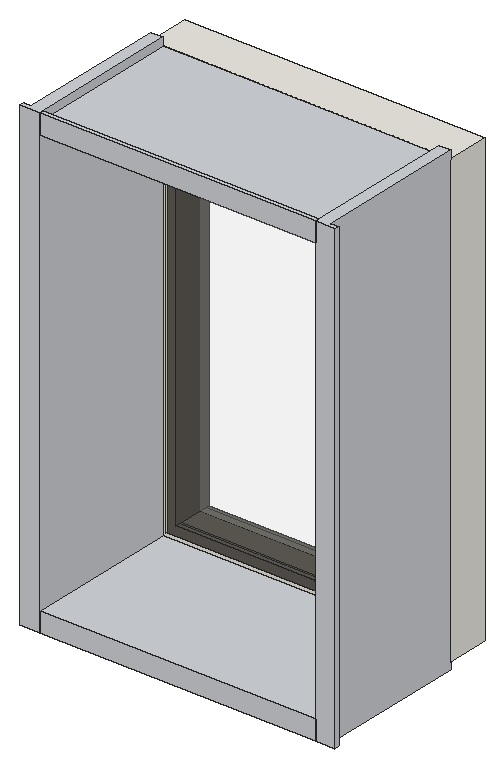
Revit family "NORFAC_WENT2000_med lysning", category Windows, host Wall, Revit 2018
Family settings
  Host = Wall
  OmniClass Number = 23.30.20.00
  OmniClass Title = Windows
  Always vertical = Yes
  Cut with Voids When Loaded = No
  Shared = No
  Room Calculation Point = No
Parameters (values of type "TS-1-1")
  gw = g value * (Glass Area / Window Area)  # 0.39386
  g value = 0.55  # constant formula
  Window Area = Height * Width  # 1.503 m²
  Vinkel fra Nord = 180.00°
  Ventilations luftsmængde 8Pa, m3/t = if(Ventil mål mm = 995, 35, if(Ventil mål mm = 689.5, 20.9, if(Ventil mål mm = 520, 14.1, 0)))  # 20.9
  Ventilations luftmængde 10Pa, m3/t = if(Ventil mål mm = 995, 39.3, if(Ventil mål mm = 689.5, 23.6, if(Ventil mål mm = 520, 15.7, 0)))  # 23.6
  Ventil mål mm = if(Width > 1179 mm, 995, if(Width > 873.5 mm, 689.5, if(Width > 704 mm, 520, 0)))  # 689.5
  Ventilations luftsmængde 4Pa, m3/t = if(Ventil mål mm = 995, 24.8, if(Ventil mål mm = 689.5, 14.9, if(Ventil mål mm = 520, 9.9, 0)))  # 14.9
  Ventil mål [instance] = 0.00 mm
  U value = (U value Frame * Frame Area + U value Glass * Glass Area + Psi Glass * 2.00 m² * (Glass Height + Glass Width) / 1000 mm) / (Frame Area + Glass Area)  # 0.80932
  U value Glass = 0.69
  U value Frame = 0.71
  Top Hinging = no
  Rough Width = if(Manual Width < 700 mm, 700 mm, if(Manual Width > 3000 mm, 3000 mm, Manual Width))  # 1020 mm
  Rough Height = if(Manual Height < 700 mm, 700 mm, if(Manual Height > 3000 mm, 3000 mm, Manual Height))  # 1523 mm
  Right Hinging = no
  Psi Glass = 0.04
  Placement In Wall = 0 mm
  Orientering [instance] = if(Vinkel fra Nord > 315.00°, "North", if(Vinkel fra Nord > 225.00°, "West", if(Vinkel fra Nord > 135.00°, "South", if(Vinkel fra Nord > 45.00°, "East", "North"))))  # "South"
  Manual Width = 1020 mm
  Manual Height = 1523 mm
  Lysning dybde [instance] = 500 mm
  Lysning Top [instance] = yes
  Lysning Sill [instance] = yes
  Lysning Right [instance] = yes
  Lysning Left [instance] = yes
  Lysning = none
  Left Hinging = yes
  LT value = 0
  Joint Material = Black Rubber
  Joint = 10 mm
  Indbygning vindue [instance] = 80 mm
  Horiz Mullion 2 of 2 = no
  Horiz Mullion 1 of 2 = no
  Horiz Mullion 1 of 1 = no
  Height = Rough Height - (2 * Joint)  # 1503 mm
  Glass Width = (Width - 2 * Frame Width)  # 816 mm
  Glass Material = BA - (o) - Glas
  Glass Height = (Height - 2 * Frame Width)  # 1319 mm
  Glass Area = Glass Height * Glass Width  # 1.0763 m²
  Frame/Mullion = Softwood, Lumber
  Frame Width = 92 mm  # constant formula
  Frame Depth = 140 mm  # constant formula
  Frame Area = (Width * Height) - Glass Area  # 0.426696 m²
  Ew øst = 162.47 * (gw) - 90.36 * U value  # -9.14
  Ew vest = 162.47 * (gw) - 90.36 * U value  # -9.14
  Ew syd = 301.98 * (gw) - 90.36 * U value  # 45.8071
  Ew nord = 73.15 * (gw) - 90.36 * U value  # -44.3193
  Eref energi balance = 196.4 * (gw) - 90.36 * U value  # 4.2236
  Default Sill Height = 800 mm
  Wall Closure = By host
  Width = Rough Width - (2 * Joint)  # 1000 mm
  Case/Transom = RAL 9010
  Analytic Construction = "<None>"
Reference planes
  plane 1 "Center (Front/Back)": y = 0
  plane 2 "Center (Left/Right)": x = 0
  plane 3 "Left": x = -510
  plane 4 "Right": x = 510
  plane 5 "Sill": z = 800
  plane 6 "Head": z = 2323
  plane 7 "Exterior": y = 250
  plane 8 "Interior": y = -250
  plane 9: x = 500
  plane 10: x = -500
  plane 11: z = 2313
  plane 12: z = 810
  plane 13 "Rebate Depth": y = 250
  plane 14: z = 2232
  plane 15: z = 891
  plane 16: z = 1561.5
  plane 17: z = 1785
  plane 18: z = 1338
  plane 19: y = 110
  plane 20: y = 170
Forms (mm)
  Sweep 1, solid, material "RAL 9010" <- "Case/Transom"
    path origin (0, 250, 0) x (-1, 0, 0) y (0, 0, 1)
      loop
        line (-500, 2313) -> (-500, 810) -> (500, 810) -> (500, 2313) -> (-500, 2313)
    profile "Case2000 : Case2000" origin (0, 250, 2313) x (0, 0, 1) y (0, 1, 0)
      loop
        line (-30, -66.964) -> (-48.996, -66.964) -> (-48.996, -140) -> (0, -140) -> (0, 0) -> (-30, 0) -> (-30, -66.964)
  Sweep 2, solid, material "Softwood, Lumber" <- "Frame/Mullion"
    path origin (0, 250, 0) x (-1, 0, 0) y (0, 0, 1)
      loop
        line (-473.028, 836.972) -> (473.028, 836.972) -> (473.028, 2286.028) -> (-473.028, 2286.028) -> (-473.028, 836.972)
    profile "Frame2000 : Frame2000" origin (0, 250, 836.972) x (0, 0, 1) y (0, 1, 0)
      loop
        line (53.75, 0) -> (-3.223, 0) -> (-3.223, -67) -> (16.778, -67) -> (16.778, -137.983) -> (53.75, -137.983) -> (53.75, 0)
  Extrusion 3, solid, material "Glass"
    sketch origin (0, 250, 0) x (-1, 0, 0) y (0, 0, 1)
      loop
        line (-419.278, 2232.278) -> (-419.278, 890.722) -> (419.278, 890.722) -> (419.278, 2232.278) -> (-419.278, 2232.278)
    from -117.736 to -123.736
  Extrusion 4, solid, material "BA - (o) - Glas" <- "Glass Material"
    sketch origin (0, 250, 0) x (-1, 0, 0) y (0, 0, 1)
      loop
        line (-419.278, 2232.278) -> (-419.278, 890.722) -> (419.278, 890.722) -> (419.278, 2232.278) -> (-419.278, 2232.278)
    from -15 to -38
  Sweep 5, solid, material "Softwood, Lumber" <- "Frame/Mullion", visible <- "Horiz Mullion 2 of 2"
    path origin (0, 250, 0) x (-1, 0, 0) y (0, 0, 1)
      loop
        line (419.278, 1785) -> (-419.278, 1785)
    profile "Mullion 19mm : Mullion 19mm" origin (0, 250, 1785) x (0, 0, -1) y (0, 1, 0)
      loop
        line (10, -32.5) -> (10, -20.5) -> (-10, -20.5) -> (-10, -32.5) -> (10, -32.5)
      loop
        line (10, -15) -> (10, -3) -> (-10, -3) -> (-10, -15) -> (10, -15)
      loop
        line (10, -50) -> (10, -38) -> (-10, -38) -> (-10, -50) -> (10, -50)
  Sweep 6, solid, material "Softwood, Lumber" <- "Frame/Mullion", visible <- "Horiz Mullion 1 of 1"
    path origin (0, 250, -202.333) x (-1, 0, 0) y (0, 0, 1)
      loop
        line (419.278, 1763.833) -> (-419.278, 1763.833)
    profile "Mullion 19mm : Mullion 19mm" origin (0, 250, 1561.5) x (0, 0, -1) y (0, 1, 0)
      loop
        line (10, -32.5) -> (10, -20.5) -> (-10, -20.5) -> (-10, -32.5) -> (10, -32.5)
      loop
        line (10, -15) -> (10, -3) -> (-10, -3) -> (-10, -15) -> (10, -15)
      loop
        line (10, -50) -> (10, -38) -> (-10, -38) -> (-10, -50) -> (10, -50)
  Sweep 7, solid, material "Softwood, Lumber" <- "Frame/Mullion", visible <- "Horiz Mullion 1 of 2"
    path origin (0, 250, -404.667) x (-1, 0, 0) y (0, 0, 1)
      loop
        line (419.278, 1742.667) -> (-419.278, 1742.667)
    profile "Mullion 19mm : Mullion 19mm" origin (0, 250, 1338) x (0, 0, -1) y (0, 1, 0)
      loop
        line (10, -32.5) -> (10, -20.5) -> (-10, -20.5) -> (-10, -32.5) -> (10, -32.5)
      loop
        line (10, -15) -> (10, -3) -> (-10, -3) -> (-10, -15) -> (10, -15)
      loop
        line (10, -50) -> (10, -38) -> (-10, -38) -> (-10, -50) -> (10, -50)
  Extrusion 8, solid, material <- "Lysning", visible <- "Lysning Right"
    sketch origin (0, 0, 0) x (1, 0, 0) y (0, 1, 0)
      loop
        line (500, -390) -> (500, 110) -> (460, 110) -> (460, -405) -> (525, -405) -> (525, -390) -> (500, -390)
    from 2338 to 785
  Extrusion 9, solid, material <- "Lysning", visible <- "Lysning Left"
    sketch origin (0, 0, 0) x (-1, 0, 0) y (0, -1, 0)
      loop
        line (500, 390) -> (525, 390) -> (525, 405) -> (460, 405) -> (460, -110) -> (500, -110) -> (500, 390)
    from 2338 to 785
  Extrusion 10, solid, material <- "Lysning", visible <- "Lysning Top"
    sketch origin (510, 0, 0) x (0, -1, 0) y (0, 0, 1)
      loop
        line (-110, 2313) -> (-110, 2273) -> (405, 2273) -> (405, 2338) -> (390, 2338) -> (390, 2313) -> (-110, 2313)
    from 970 to 50
  Extrusion 11, solid, material <- "Lysning", visible <- "Lysning Sill"
    sketch origin (510, 0, 3100) x (0, -1, 0) y (0, 0, 1)
      loop
        line (-110, -2290) -> (390, -2290) -> (390, -2315) -> (405, -2315) -> (405, -2250) -> (-110, -2250) -> (-110, -2290)
    from 970 to 50
Lines and regions (mm)
  Opening 1
    outline origin (3500, -250, 0) x (1, 0, 0) y (0, 0, 1)
      loop
        line (-2990, 800) -> (-2990, 2323) -> (-4010, 2323) -> (-4010, 800) -> (-2990, 800)
  symbolic lines, style "Windows", detail levels coarse+medium
    curve 1: line (-419.278, 250, 0) -> (-500, 250, 0)
    curve 2: line (-419.278, 110, 0) -> (-419.278, 250, 0)
    curve 3: line (-500, 110, 0) -> (-419.278, 110, 0)
    curve 4: line (-500, 250, 0) -> (-500, 110, 0)
    curve 5: line (500, 110, 0) -> (419.278, 110, 0)
    curve 6: line (500, 250, 0) -> (500, 110, 0)
    curve 7: line (419.278, 250, 0) -> (500, 250, 0)
    curve 8: line (419.278, 110, 0) -> (419.278, 250, 0)
    curve 22: line (0, 110, 2313) -> (0, 250, 2313)
    curve 23: line (0, 110, 2232.278) -> (0, 110, 2313)
    curve 24: line (0, 250, 2232.278) -> (0, 110, 2232.278)
    curve 25: line (0, 250, 2313) -> (0, 250, 2232.278)
    curve 26: line (0, 110, 810) -> (0, 250, 810)
    curve 27: line (0, 110, 890.722) -> (0, 110, 810)
    curve 28: line (0, 250, 890.722) -> (0, 110, 890.722)
    curve 29: line (0, 250, 810) -> (0, 250, 890.722)
  symbolic lines
    curve 9: line (-419.278, 250, 0) -> (419.278, 250, 0)
    curve 10: line (461.004, 110, 0) -> (-455, 110, 0)
  symbolic lines, detail levels coarse+medium
    curve 11: line (-419.278, 180, 0) -> (419.278, 180, 0)
    curve 30: line (0, 250, 890.722) -> (0, 250, 2232.278)
    curve 31: line (0, 110, 890.722) -> (0, 110, 2232.278)
    curve 32: line (0, 180, 2232.278) -> (0, 180, 890.722)
  symbolic lines, detail levels fine
    curve 12: line (368.39, 234.954, 0) -> (-368.39, 234.954, 0)
    curve 13: line (-368.39, 211.977, 0) -> (368.39, 211.977, 0)
    curve 14: line (368.39, 132.264, 0) -> (-368.39, 132.264, 0)
    curve 15: line (-368.39, 126.264, 0) -> (368.39, 126.264, 0)
  symbolic lines, style "Windows", detail levels medium
    curve 16: line (480, 250, 0) -> (480, 183.036, 0)
    curve 17: line (480, 183.036, 0) -> (461.004, 183.036, 0)
    curve 18: line (461.004, 183.036, 0) -> (461.004, 110, 0)
    curve 19: line (-480, 250, 0) -> (-480, 183.036, 0)
    curve 20: line (-480, 183.036, 0) -> (-461.004, 183.036, 0)
    curve 21: line (-461.004, 183.036, 0) -> (-461.004, 110, 0)
    curve 33: line (0, 250, 2289.25) -> (0, 183, 2289.25)
    curve 34: line (0, 183, 2289.25) -> (0, 183, 2269.25)
    curve 35: line (0, 183, 2269.25) -> (0, 110, 2269.25)
    curve 36: line (0, 250, 826.708) -> (0, 183, 843.75)
    curve 37: line (0, 183, 843.75) -> (0, 183, 863.75)
    curve 38: line (0, 183, 863.75) -> (0, 110, 863.75)
  symbolic lines, style "Windows", detail levels fine
    curve 39: line (0, 126.08, 900.564) -> (0, 126.08, 2212.564)
    curve 40: line (0, 132.08, 900.564) -> (0, 132.08, 2212.564)
    curve 41: line (0, 235, 890.722) -> (0, 235, 2232.278)
    curve 42: line (0, 212, 890.722) -> (0, 212, 2232.278)
Text (mm)
  text "EXTERIOR" at (-1963.203, 1332.353, 0), in view "Ref. Level"
  text "INTERIOR" at (-1981.466, -818.386, 0), in view "Ref. Level"
  text "Exterior" at (0, 923.751, 2943.296), in view "Right"
  text "Exterior" at (0, 1040.484, 2685.409), in view "Left"
Dimensions and locks
  equal spacing: plane 3 "Left", plane 2 "Center (Left/Right)", plane 4 "Right"
  "Rough Width": plane 3 "Left" to plane 4 "Right"
  "Rough Height": plane 5 "Sill" to plane 6 "Head"
  "Default Sill Height": plane 5 "Sill" to level
  locked: plane 7 "Exterior" to host wall at 0
  locked: plane 8 "Interior" to host wall
  "Joint": plane 9 to plane 4 "Right"
  "Joint": plane 3 "Left" to plane 10
  "Joint": plane 11 to plane 6 "Head"
  "Joint": plane 5 "Sill" to plane 12
  "Placement In Wall": plane 7 "Exterior" to plane 13 "Rebate Depth"
  locked: Extrusion 3 to Extrusion 3 at 6
  equal spacing: plane 12, plane 16, plane 11
  locked: plane 14 to plane 11 at 81
  locked: plane 15 to plane 12 at 81
  equal spacing: plane 14, plane 17, plane 18, plane 15
  locked: plane 13 "Rebate Depth" to plane 19 at 140
  Extrusion 8 sketch curve to Extrusion 8 sketch curve = 15 mm
  locked: Extrusion 8 sketch curve to Extrusion 8 sketch curve at 40
  "Lysning dybde": plane 19 to Extrusion 8 sketch curve
  Extrusion 9 sketch curve to Extrusion 9 sketch curve = 15 mm
  locked: Extrusion 9 sketch curve to Extrusion 9 sketch curve at 40
  "Lysning dybde": plane 19 to Extrusion 9 sketch curve
  locked: Extrusion 9 sketch curve to Extrusion 9 sketch curve at 25
  locked: Extrusion 8 sketch curve to Extrusion 8 sketch curve at 25
  locked: Extrusion 10 sketch curve to Extrusion 10 sketch curve at 15
  locked: Extrusion 10 sketch curve to Extrusion 10 sketch curve at 25
  locked: Extrusion 10 sketch curve to Extrusion 10 sketch curve at 40
  "Lysning dybde": Extrusion 10 sketch curve to plane 19
  locked: Extrusion 11 sketch curve to Extrusion 11 sketch curve at 15
  locked: Extrusion 11 sketch curve to Extrusion 11 sketch curve at 25
  locked: Extrusion 11 sketch curve to Extrusion 11 sketch curve at 40
  "Lysning dybde": Extrusion 11 sketch curve to plane 19
  Extrusion 10 to plane 6 "Head" = 10 mm
  "Indbygning vindue": plane 20 to plane 7 "Exterior"
  aligned and locked: plane 11 to Sweep 1 sketch curve
  aligned and locked: plane 9 to Sweep 1 sketch curve
  aligned and locked: Sweep 1 sketch curve to plane 12
  aligned and locked: Sweep 1 sketch curve to plane 10
  aligned and locked: Extrusion 3 sketch curve to Sweep 2  (x4)
  aligned and locked: Extrusion 4 sketch curve to Sweep 2  (x4)
  aligned and locked: Extrusion 3 to nested 1
  aligned and locked: nested 2 to plane 9
  aligned and locked: nested 2 to plane 13 "Rebate Depth"
  aligned and locked: Sweep 2 to curve 1
  aligned and locked: curve 2 to Sweep 2
  aligned and locked: curve 3 to Sweep 1
  aligned and locked: curve 4 to Sweep 1
  aligned and locked: curve 5 to Sweep 1
  aligned and locked: curve 6 to Sweep 1
  aligned and locked: curve 7 to Sweep 2
  aligned and locked: curve 8 to Sweep 2
  aligned and locked: plane 17 to Sweep 5 sketch curve
  aligned and locked: Sweep 2 to Sweep 5 sketch curve  (x2)
  aligned and locked: plane 16 to Sweep 6 sketch curve
  aligned and locked: plane 18 to Sweep 7 sketch curve
  aligned and locked: plane 11 to nested 3
  aligned and locked: plane 13 "Rebate Depth" to nested 3
  aligned and locked: plane 12 to nested 4
  aligned and locked: nested 4 to plane 13 "Rebate Depth"
  aligned and locked: curve 22 to Sweep 1
  aligned and locked: curve 24 to Sweep 2
  aligned and locked: curve 25 to Sweep 2
  aligned and locked: Sweep 1 to curve 23
  aligned and locked: curve 26 to Sweep 1
  aligned and locked: curve 27 to Sweep 1
  aligned and locked: curve 28 to Sweep 2
  aligned and locked: curve 29 to Sweep 2
  aligned and locked: curve 29 to curve 30
  aligned and locked: curve 35 to Sweep 2
  aligned and locked: nested 5 to Sweep 1
  aligned and locked: Sweep 2 to nested 5
  aligned and locked: nested 5 to Sweep 2  (x2)
  aligned and locked: nested 6 to Sweep 1
  aligned and locked: nested 6 to Sweep 2  (x2)
  aligned and locked: Sweep 2 to nested 6
  aligned and locked: nested 7 to Sweep 2  (x4)
  aligned and locked: Extrusion 9 sketch curve to plane 10
  aligned and locked: Extrusion 9 sketch curve to plane 19
  aligned and locked: plane 19 to Extrusion 10 sketch curve
  aligned and locked: Extrusion 10 sketch curve to plane 11
  aligned and locked: Extrusion 11 sketch curve to plane 19
  aligned and locked: Extrusion 11 sketch curve to plane 12
  aligned and locked: Extrusion 8 sketch curve to plane 9
  aligned and locked: Extrusion 11 to Extrusion 8  (x2)
  aligned and locked: Extrusion 11 to Extrusion 9
  aligned and locked: Extrusion 9 to Extrusion 11
  aligned and locked: Extrusion 10 to Extrusion 9  (x2)
  aligned and locked: Extrusion 8 to Extrusion 10
  aligned and locked: Extrusion 10 to Extrusion 8
Automatic sketch dimensions
  plane 3 "Left" to Opening 1 sketch curve = 0 mm
  plane 4 "Right" to Opening 1 sketch curve = 0 mm
  Opening 1 sketch curve to plane 5 "Sill" = 0 mm
  Opening 1 sketch curve to plane 6 "Head" = 0 mm
  plane 4 "Right" to Sweep 2 sketch curve = 36.972 mm
  Sweep 2 sketch curve to plane 3 "Left" = 36.972 mm
  Sweep 2 sketch curve to plane 5 "Sill" = 36.972 mm
  plane 6 "Head" to Sweep 2 sketch curve = 36.972 mm
  curve 10 to plane 19 = 0 mm
  curve 20 to plane 3 "Left" = 30 mm
  curve 19 to curve 21 = 18.996 mm
  curve 5 to curve 18 = 41.726 mm
  curve 17 to curve 17 = 18.996 mm
  curve 21 to plane 13 "Rebate Depth" = 66.964 mm
  curve 18 to plane 13 "Rebate Depth" = 66.964 mm
  curve 21 to curve 10 = 6.004 mm
  curve 12 to plane 13 "Rebate Depth" = 15.046 mm
  curve 1 to curve 12 = 50.888 mm
  plane 19 to curve 14 = 22.264 mm
  curve 2 to curve 14 = 50.888 mm
  curve 13 to curve 12 = 0 mm  (x2)
  curve 15 to curve 14 = 0 mm  (x2)
  curve 12 to curve 7 = 50.888 mm
  curve 14 to curve 5 = 50.888 mm
  curve 15 to curve 14 = 6 mm
  curve 11 to curve 20 = 3.036 mm
  curve 13 to curve 12 = 22.977 mm
  plane 4 "Right" to Sweep 6 sketch curve = 90.722 mm
  Sweep 6 sketch curve to plane 3 "Left" = 90.722 mm
  plane 4 "Right" to Sweep 7 sketch curve = 90.722 mm
  Sweep 7 sketch curve to plane 3 "Left" = 90.722 mm
  curve 37 to plane 15 = 27.25 mm
  curve 37 to plane 13 "Rebate Depth" = 67 mm
  curve 35 to plane 13 "Rebate Depth" = 67 mm
  curve 37 to curve 37 = 20 mm
  curve 34 to curve 34 = 20 mm
  curve 24 to curve 41 = 15 mm
  curve 41 to curve 42 = 23 mm
  curve 42 to curve 32 = 32 mm
  plane 19 to curve 40 = 22.08 mm
  curve 40 to curve 39 = 6 mm
  curve 36 to plane 5 "Sill" = 26.708 mm
  curve 27 to curve 39 = 9.842 mm
  curve 40 to curve 39 = 0 mm  (x2)
  curve 40 to plane 14 = 19.436 mm
  Extrusion 8 sketch curve to plane 19 = 0 mm
Nested families
  nested 1: "Detail Item - Vent2000 Side Frame" at (-500, 110, 0), type "Detail Item - Vent2000 Side Frame", detail levels fine
  nested 2: "Detail Item - Vent2000 Side Frame" at (500, 110, 0) x (-1, 0, 0) z (0, 0, 1), type "Detail Item - Vent2000 Side Frame", detail levels fine
  nested 3: "Detail Item - Vent2000 Top Frame" at (0, 110, 2313) x (0, -1, 0) z (-1, 0, 0), type "Detail Item - Vent2000 Top Frame", detail levels fine
  nested 4: "Detail Item - Vent2000 Bottom Frame" at (0, 110.006, 810) x (0, -1, 0) z (-1, 0, 0), type "Detail Item - Vent2000 Bottom Frame", detail levels fine
  nested 5: "Hinging_top" at (0, 250, 1564.625) x (-1, 0, 0) z (0, 1, 0), visible <- "Top Hinging", type "Hinging_top"
    with Width 952.501 mm, Top yes, Right yes, Left yes, Height 1449.25 mm
  nested 6: "Hinging_side" at (3.125, 250, 1561.5) x (-1, 0, 0) z (0, 1, 0), visible <- "Left Hinging", type "Hinging_side"
    with Width 946.25 mm, Top yes, Right yes, Left yes, Height 1455.501 mm
  nested 7: "Hinging_side" at (0, 250, 1561.5) x (1, 0, 0) z (0, 1, 0), visible <- "Right Hinging", type "Hinging_side"
    with Width 952.501 mm, Top yes, Right yes, Left yes, Height 1455.501 mm
Definition of nested family "Detail Item - Vent2000 Side Frame"
  Reference planes
    plane 1 "Center (Front/Back)": y = 0
    plane 2: z = 0
    plane 3 "Center (Left/Right)": x = 0
  Lines and regions (mm)
    model lines, in view "Ref. Level"
      curve 1: line (100.544, 16.264, 0) -> (141.61, 16.264, 0)
      curve 2: line (100.544, 22.264, 0) -> (141.61, 22.264, 0)
      curve 3: line (48.996, 10, 0) -> (48.996, 73.036, 0)
      curve 4: line (30, 73.036, 0) -> (30, 140, 0)
      curve 5: line (0, 140, 0) -> (0, 0, 0)
      curve 6: line (0, 0, 0) -> (55, 0, 0)
      curve 7: line (55, 0, 0) -> (55, 10, 0)
      curve 8: line (55, 10, 0) -> (48.996, 10, 0)
      curve 9: line (90.732, 139.937, 0) -> (33.759, 139.937, 0)
      curve 10: line (33.759, 139.937, 0) -> (33.759, 129, 0)
      curve 11: line (33.759, 129, 0) -> (41.798, 129, 0)
      curve 12: line (41.798, 129, 0) -> (41.798, 76.937, 0)
      curve 13: line (41.798, 76.937, 0) -> (53.76, 76.937, 0)
      curve 14: line (53.76, 76.937, 0) -> (53.76, 32.454, 0)
      curve 15: line (53.76, 32.454, 0) -> (56.728, 32.454, 0)
      curve 16: line (56.728, 32.454, 0) -> (56.728, 1.954, 0)
      curve 17: line (56.728, 1.954, 0) -> (69.728, 1.954, 0)
      curve 18: line (69.728, 1.954, 0) -> (69.728, 32.454, 0)
      curve 19: line (69.728, 32.454, 0) -> (90.732, 32.454, 0)
      curve 20: line (90.732, 32.454, 0) -> (90.732, 101.977, 0)
      curve 21: line (76.032, 101.977, 0) -> (76.032, 124.954, 0)
      curve 22: line (55, 0, 0) -> (0, 0, 0)
      curve 23: line (0, 0, 0) -> (0, 140, 0)
      curve 24: line (30, 140, 0) -> (0, 140, 0)
      curve 25: line (0, 140, 0) -> (0, 0, 0)
      curve 26: line (0, 0, 0) -> (49.035, 0, 0)
      curve 27: line (141.61, 101.977, 0) -> (76.032, 101.977, 0)
      curve 28: line (76.032, 124.954, 0) -> (141.61, 124.954, 0)
      curve 29: line (89.597, 28.48, 0) -> (87.479, 28.48, 0)
      curve 30: arc (79.813, 9.974, 0) -> (74.044, 19.224, 0) -> (79.813, 28.474, 0) r 10.3
      curve 31: line (100.544, 9.974, 0) -> (100.544, 28.474, 0)
      curve 32: line (79.813, 9.974, 0) -> (100.544, 9.974, 0)
      curve 33: line (100.544, 28.474, 0) -> (79.813, 28.474, 0)
    detail lines, in view "Ref. Level"
      curve 34: line (30, 73.036, 0) -> (48.996, 73.036, 0)
      curve 35: line (90.732, 139.937, 0) -> (90.732, 124.954, 0)
Definition of nested family "Detail Item - Vent2000 Top Frame"
  Reference planes
    plane 1 "Center (Front/Back)": y = 0
    plane 2: z = 0
    plane 3 "Center (Left/Right)": x = 0
  Lines and regions (mm)
    detail lines, in view "Ref. Level"
      curve 1: line (-2.011, -61.795, 0) -> (-45.987, -61.795, 0)
      curve 2: line (-2.011, -76.795, 0) -> (-45.987, -76.795, 0)
      curve 3: line (-85.999, -75.644, 0) -> (-118.635, -43.009, 0)
      curve 4: line (-101.664, -43.009, 0) -> (-84.37, -60.304, 0)
      curve 5: line (-22.073, -121.292, 0) -> (-22.073, -119.292, 0)
      curve 6: line (-22.073, -100.564, 0) -> (-28.323, -100.564, 0)
      curve 7: line (-9.823, -100.564, 0) -> (-16.073, -100.564, 0)
      curve 8: line (-9.823, -85.564, 0) -> (-9.823, -100.564, 0)
      curve 9: line (-28.323, -85.564, 0) -> (-9.823, -85.564, 0)
      curve 10: line (-28.323, -100.564, 0) -> (-28.323, -85.564, 0)
      curve 11: line (-125.011, -78.407, 0) -> (-102.011, -78.407, 0)
      curve 12: line (-72.887, -48.997, 0) -> (-10, -48.997, 0)
      curve 13: line (-10, -48.997, 0) -> (-10, -54.996, 0)
      curve 14: line (-10, -54.996, 0) -> (0, -54.996, 0)
      curve 15: line (0, -54.996, 0) -> (0, 0, 0)
      curve 16: line (-140, 0, 0) -> (-140, -29, 0)
      curve 17: line (-140, -29, 0) -> (-72.887, -29, 0)
      curve 18: line (-139.994, -91.943, 0) -> (-139.994, -34.97, 0)
      curve 19: line (-139.994, -34.97, 0) -> (-129.057, -34.97, 0)
      curve 20: line (-129.057, -34.97, 0) -> (-129.057, -43.009, 0)
      curve 21: line (-129.057, -43.009, 0) -> (-76.994, -43.009, 0)
      curve 22: line (-76.994, -54.97, 0) -> (-32.511, -54.97, 0)
      curve 23: line (-32.511, -54.97, 0) -> (-32.511, -57.939, 0)
      curve 24: line (-32.511, -57.939, 0) -> (-2.011, -57.939, 0)
      curve 25: line (-2.011, -57.939, 0) -> (-2.011, -80.5, 0)
      curve 26: line (-2.011, -80.5, 0) -> (-32.511, -80.5, 0)
      curve 27: line (-32.511, -80.5, 0) -> (-32.511, -91.943, 0)
      curve 28: line (-125.011, -91.943, 0) -> (-139.994, -91.943, 0)
      curve 29: circle (-66.088, -75.669, 0) r 12.5 normal (0, 0, -1)
      curve 30: line (-85.999, -91.943, 0) -> (-85.999, -60.304, 0)
      curve 31: line (-85.999, -60.304, 0) -> (-45.987, -60.304, 0)
      curve 32: line (-45.987, -60.304, 0) -> (-45.987, -91.943, 0)
      curve 33: line (-16.073, -146.993, 0) -> (-16.073, -95.564, 0)
      curve 34: line (-16.073, -95.564, 0) -> (-22.073, -95.564, 0)
      curve 35: line (-22.073, -95.564, 0) -> (-22.073, -146.993, 0)
      curve 36: line (-102.011, -91.943, 0) -> (-99.431, -91.943, 0)
      curve 37: line (-106.011, -78.407, 0) -> (-120.922, -78.407, 0)
      curve 38: line (-102.011, -78.407, 0) -> (-102.011, -146.943, 0)
      curve 39: line (-125.011, -78.407, 0) -> (-125.011, -146.943, 0)
      curve 40: line (-72.887, -48.997, 0) -> (-72.887, -29, 0)
      curve 41: line (-76.994, -43.009, 0) -> (-76.994, -54.97, 0)
      curve 42: line (-32.511, -91.943, 0) -> (-102.011, -91.943, 0)
      curve 43: line (0, 0, 0) -> (-140, 0, 0)
Definition of nested family "Detail Item - Vent2000 Bottom Frame"
  Reference planes
    plane 1 "Center (Front/Back)": y = 0
    plane 2: z = 0
    plane 3 "Center (Left/Right)": x = 0
  Lines and regions (mm)
    model lines, in view "Ref. Level"
      curve 1: line (252.465, -230.361, 0) -> (252.465, -228.361, 0)
    detail lines, in view "Ref. Level"
      curve 2: line (-102.073, 91.993, 0) -> (-32.494, 91.993, 0)
      curve 3: line (-32.494, 91.993, 0) -> (-32.494, 80.529, 0)
      curve 4: line (-32.494, 80.529, 0) -> (-1.994, 80.529, 0)
      curve 5: line (-1.994, 80.529, 0) -> (-1.994, 58, 0)
      curve 6: line (-1.994, 58, 0) -> (-32.494, 58, 0)
      curve 7: line (-32.494, 58, 0) -> (-32.494, 55.016, 0)
      curve 8: line (-32.494, 55.016, 0) -> (-76.846, 55.016, 0)
      curve 9: line (-76.846, 55.016, 0) -> (-76.846, 42.97, 0)
      curve 10: line (-76.846, 42.97, 0) -> (-129, 42.97, 0)
      curve 11: line (-129, 42.97, 0) -> (-129, 34.97, 0)
      curve 12: line (-129, 34.97, 0) -> (-139.994, 34.97, 0)
      curve 13: line (-139.994, 34.97, 0) -> (-139.994, 91.993, 0)
      curve 14: line (-72.846, 48.997, 0) -> (-15, 48.997, 0)
      curve 15: line (-15, 48.997, 0) -> (-12, 48.997, 0)
      curve 16: line (-12, 48.997, 0) -> (-10, 48.997, 0)
      curve 17: line (-10, 48.997, 0) -> (-10, 54.996, 0)
      curve 18: line (-10, 54.996, 0) -> (0, 54.996, 0)
      curve 19: line (0, 54.996, 0) -> (0, 0, 0)
      curve 20: line (-140, 0, 0) -> (-140, 22.997, 0)
      curve 21: line (-140, 22.997, 0) -> (-91.12, 28.997, 0)
      curve 22: line (-91.12, 28.997, 0) -> (-72.846, 28.997, 0)
      curve 23: line (-44.471, 89.018, 0) -> (-57.471, 89.018, 0)
      curve 24: line (-28.323, 100.564, 0) -> (-28.323, 85.564, 0)
      curve 25: line (-22.073, 100.564, 0) -> (-28.323, 100.564, 0)
      curve 26: line (-9.823, 100.564, 0) -> (-16.073, 100.564, 0)
      curve 27: line (-9.823, 85.564, 0) -> (-9.823, 100.564, 0)
      curve 28: line (-28.323, 85.564, 0) -> (-9.823, 85.564, 0)
      curve 29: line (-125.073, 78.458, 0) -> (-102.073, 78.458, 0)
      curve 30: line (-44.471, 67.179, 0) -> (-57.471, 67.179, 0)
      curve 31: line (-76.846, 45.738, 0) -> (-76.846, 42.97, 0)
      curve 32: line (-22.073, 121.292, 0) -> (-22.073, 119.292, 0)
      curve 33: arc (-75.016, 45.478, 0) -> (-74.933, 45.547, 0) -> (-74.861, 45.467, 0) r 0.078
      curve 34: line (-16.073, 146.993, 0) -> (-16.073, 95.564, 0)
      curve 35: line (-16.073, 95.564, 0) -> (-22.073, 95.564, 0)
      curve 36: line (-22.073, 95.564, 0) -> (-22.073, 146.993, 0)
      curve 37: line (-69.809, 91.993, 0) -> (-69.809, 72.94, 0)
      curve 38: line (-69.809, 72.94, 0) -> (-85.845, 72.94, 0)
      curve 39: line (-85.845, 72.94, 0) -> (-85.845, 91.993, 0)
      curve 40: line (-101.428, 42.97, 0) -> (-69.846, 72.94, 0)
      curve 41: line (-102.073, 78.458, 0) -> (-102.073, 146.993, 0)
      curve 42: line (-125.073, 78.458, 0) -> (-125.073, 146.993, 0)
      curve 43: line (-72.846, 48.997, 0) -> (-72.846, 28.997, 0)
      curve 44: line (-139.994, 91.993, 0) -> (-125.073, 91.993, 0)
      curve 45: line (0, 0, 0) -> (-140, 0, 0)
      curve 46: line (-117.435, 42.97, 0) -> (-85.848, 72.945, 0)
      curve 47: line (-44.471, 67.179, 0) -> (-44.471, 55.016, 0)
      curve 48: line (-57.471, 67.179, 0) -> (-57.471, 55.016, 0)
      curve 49: line (-44.471, 67.179, 0) -> (-44.471, 89.018, 0)
      curve 50: line (-57.471, 67.179, 0) -> (-57.471, 89.018, 0)
Definition of nested family "Hinging_top"
  Parameters (values of type "Hinging_top")
    Width [instance] = 1000 mm
    Top [instance] = yes
    Right [instance] = yes
    Left [instance] = yes
    Height [instance] = 1000 mm
    Default Elevation = 1219.2 mm
    Analytic Construction = "<None>"
  Reference planes
    plane 1 "Center (Front/Back)": y = 0
    plane 2: z = 0
    plane 3 "Center (Left/Right)": x = 0
    plane 4: x = -500
    plane 5: x = 500
    plane 6: y = 500
    plane 7: y = -500
  Lines and regions (mm)
    symbolic lines, visible <- "Top", detail levels medium+fine
      curve 1: line (-500, 500, 0) -> (0, -500, 0)
      curve 2: line (0, -500, 0) -> (500, 500, 0)
  Dimensions and locks
    equal spacing: plane 4, plane 3 "Center (Left/Right)", plane 5
    equal spacing: plane 6, plane 1 "Center (Front/Back)", plane 7
    "Height": plane 6 to plane 7
    "Width": plane 4 to plane 5
    aligned and locked: level to plane 2
  Automatic sketch dimensions
    curve 1 to plane 4 = 0 mm
    curve 2 to plane 3 "Center (Left/Right)" = 0 mm
    curve 1 to plane 7 = 0 mm
    curve 1 to plane 6 = 0 mm
    curve 2 to plane 5 = 0 mm
    curve 2 to plane 6 = 0 mm
Definition of nested family "Hinging_side"
  Parameters (values of type "Hinging_side")
    Width [instance] = 1000 mm
    Top [instance] = yes
    Right [instance] = yes
    Left [instance] = yes
    Height [instance] = 1000 mm
    Default Elevation = 1219.2 mm
    Analytic Construction = "<None>"
  Reference planes
    plane 1 "Center (Front/Back)": y = 0
    plane 2: z = 0
    plane 3 "Center (Left/Right)": x = 0
    plane 4: x = -500
    plane 5: x = 500
    plane 6: y = 500
    plane 7: y = -500
  Lines and regions (mm)
    symbolic lines, visible <- "Left", detail levels medium+fine
      curve 1: line (-500, -500, 0) -> (500, 0, 0)
      curve 2: line (500, 0, 0) -> (-500, 500, 0)
  Dimensions and locks
    equal spacing: plane 4, plane 3 "Center (Left/Right)", plane 5
    equal spacing: plane 6, plane 1 "Center (Front/Back)", plane 7
    "Height": plane 6 to plane 7
    "Width": plane 4 to plane 5
    aligned and locked: level to plane 2
  Automatic sketch dimensions
    plane 1 "Center (Front/Back)" to curve 1 = 0 mm
    curve 1 to plane 5 = 0 mm
    curve 2 to plane 6 = 0 mm
    curve 1 to plane 4 = 0 mm
    curve 1 to plane 7 = 0 mm
    curve 2 to plane 4 = 0 mm
